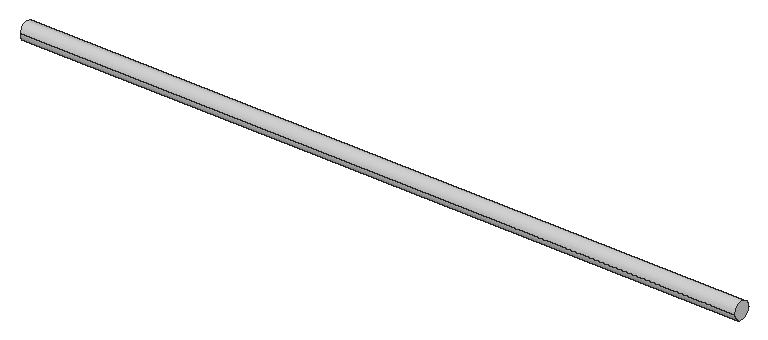
Revit family "TUBE 48-2,1_2125291", category Generic Models, Revit 2018
Family settings
  Can host rebar = No
  Round Connector Dimension = Use Diameter
  Part Type = Normal
  OmniClass Number = 35.51.17.00
  OmniClass Title = SCAFFOLDING SHORING AND FENCING
  Work Plane-Based = Yes
  Always vertical = No
  Cut with Voids When Loaded = No
  Shared = Yes
  Room Calculation Point = No
Parameters
  VERSION = "20190101"  # constant formula
  URL = "www.ulmaconstruction.com/en"
  UNICLASS = ""
  Model = ""
  ITEM_CODE = "2125291"
  Manufacturer = "ULMA CONSTRUCTION"  # constant formula
  FILTER [instance] = ""
  Default Elevation = 0 mm
  CLASSIFICATION_TITLE = ""
  CLASSIFICATION_NUMBER = ""
Reference planes
  plane 1 "Centro (Frontal/Posterior)": y = 0
  plane 2: z = 0
  plane 3 "Centro (Izquierda/Derecha)": x = 0
  plane 4 "ITEM_LENGTH": x = 2100
Forms (mm)
  Extrusion 1, solid, material "ULMA ZINC", detail levels fine
    sketch origin (0, 0, 0) x (0, 1, 0) y (0, 0, 1)
      loop
        circle (0, 0) r 24.15
    from 0 to 2100
Lines and regions (mm)
  model lines, style "ULMA FIXING ITEMS", detail levels fine
    curve 1: circle (0, 0, 0) r 21 normal (1, 0, 0)
    curve 3: circle (2100, 0, 0) r 21 normal (1, 0, 0)
  model lines, style "ULMA FIXING ITEMS", detail levels coarse+medium
    curve 2: line (0, 0, 0) -> (2100, 0, 0)
Dimensions and locks
  locked: plane 3 "Centro (Izquierda/Derecha)" to plane 4 "ITEM_LENGTH" at 2100
  aligned and locked: level to plane 2
  aligned and locked: Extrusion 1 to plane 3 "Centro (Izquierda/Derecha)"
  aligned and locked: plane 4 "ITEM_LENGTH" to Extrusion 1
  aligned and locked: plane 4 "ITEM_LENGTH" to curve 2
